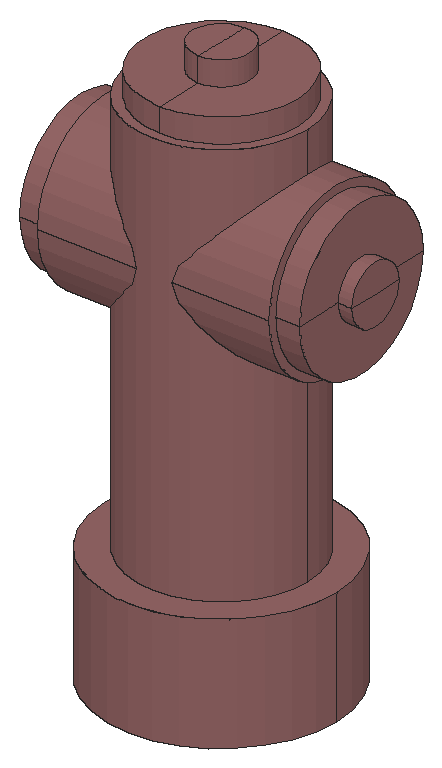
Revit family "M_Hidrante de incêndio", category Terreno, Revit 2019
Family settings
  Cota do conector redondo = Utilizar diâmetro
  Tipo de parte = Normal
  ID de item do Seek = Fire Hydrant-0000-CAN-ENU
  Com base no plano de trabalho = Não
  Sempre na vertical = Sim
  Corte com vazios quando carregada = Não
  Compartilhado = Não
Reference planes
  plane 1 "Centro (Frente/Trás)": y = 0
  plane 2: z = 0
  plane 3 "Centro (Esquerda/Direita)": x = 0
  plane 4: z = 395.256
Forms (mm)
  Extrusion 1, solid, material "Metal - Acabamento pintado - Vermelho indiano, fosco"
    sketch origin (0, 0, 0) x (1, 0, 0) y (0, 1, 0)
      loop
        circle (0, 0) r 114.3
    from 0 to 558.8
  Extrusion 2, solid, material "Metal - Acabamento pintado - Vermelho indiano, fosco"
    sketch origin (0, 0, 0) x (0, 1, 0) y (0, 0, 1)
      loop
        circle (0, 395.256) r 111.76
    from -152.4 to 152.4
  Extrusion 3, solid, material "Metal - Acabamento pintado - Vermelho indiano, fosco"
    sketch origin (0, 0, 0) x (1, 0, 0) y (0, 1, 0)
      loop
        circle (0, 0) r 152.4
    from -127 to 25.4
  Revolve 4, solid, material "Metal - Acabamento pintado - Vermelho indiano, fosco"
    sketch origin (0, 0, 395.256) x (0, -1, 0) y (1, 0, 0)
      loop
        line (0, 152.4) -> (0, 203.2) -> (-38.1, 203.2) -> (-38.1, 184.15) -> (-101.6, 184.15) -> (-101.6, 152.4) -> (0, 152.4)
      loop
        line (0, -152.4) -> (-101.6, -152.4) -> (-101.6, -184.15) -> (-38.1, -184.15) -> (-38.1, -203.2) -> (0, -203.2) -> (0, -152.4)
      axis (0, -203.2) -> (0, 203.2)
    angle from 0 to 360
  Revolve 5, solid, material "Metal - Acabamento pintado - Vermelho indiano, fosco"
    sketch origin (0, 0, 0) x (0, 1, 0) y (0, 0, 1)
      loop
        line (0, 558.8) -> (0, 622.3) -> (-38.1, 622.3) -> (-38.1, 590.55) -> (-101.6, 590.55) -> (-101.6, 558.8) -> (0, 558.8)
      axis (0, 622.3) -> (0, 558.8)
    angle from 0 to 360
